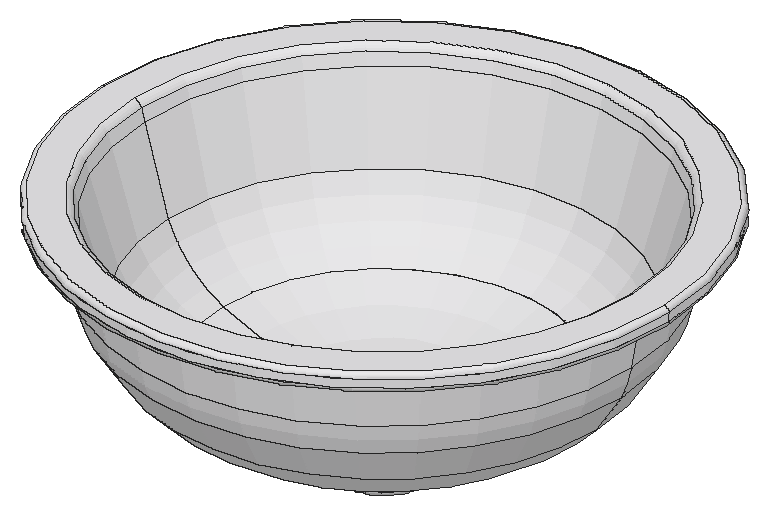
Revit family "Sink-Lavatory-KOHLER-Camber-K-2349", category Plumbing Fixtures, host Face, Revit 2015
Parameters (values of type "0-White")
  Width = 16 1/8"  # constant formula
  Waste Water Outlet = "Waste Water Outlet"  # constant formula
  Waste Connection = 1 = 1  # yes
  Vent Connection = 1 = 0  # no
  URL = "https://www.us.kohler.com/us/"
  Type = 1
  Product Page URL = "http://www.us.kohler.com/us/catalog/productDetails.jsp?productNumber=2349"
  Product Name = "Camber"  # constant formula
  Product Documentation Link = "http://www.us.kohler.com/onlinecatalog/pdf/K-2349_spec.pdf"
  Model = if(Type = 1, "K-2349-0", if(Type = 2, "K-2349-96", if(Type = 3, "K-2349-47", if(Type = 4, "K-2349-HW", if(Type = 5, "K-2349-HV", "NA")))))  # "K-2349-0"
  Material = "Vitreous China"  # constant formula
  MasterFormat 2004 = "22.41.16"  # constant formula
  MasterFormat 1995 = "15410"  # constant formula
  Manufacturer Address = "444 Highland Dr, Kohler, WI 53044"  # constant formula
  Manufacturer = "KOHLER Co."  # constant formula
  Length = 16 1/8"  # constant formula
  Hot Water Inlet = "Hot Water Inlet"  # constant formula
  Height = 6 7/8"  # constant formula
  HW Connection = 1 = 0  # no
  Finish = Kohler-Vitreous_China-0-White
  Environmental Product Declaration = ""
  Drain Included = 1 = 0  # no
  Description = "Under mount bathroom sink"  # constant formula
  Default Elevation = 0"
  Declare Label = ""
  Date Modified = "10/5/2018"  # constant formula
  Date Created = "10/5/2018"  # constant formula
  Copyright = "Copyright KOHLER Co."  # constant formula
  Contact Us = "https://www.us.kohler.com/us/static/contact.jsp"
  Cold Water Inlet = "Cold Water Inlet"  # constant formula
  CW Connection = 1 = 0  # no
  Assembly Code = "D2010400"
  ADA Compliant = 1 = 1  # yes
Types (6): name | Type | Model | Finish
  (no name) | 1 | "K-2349-0" | Kohler-Vitreous_China-0-White
  0-White | 1 | "K-2349-0" | Kohler-Vitreous_China-0-White
  96-Biscuit | 2 | "K-2349-96" | Kohler-Vitreous_China-96-Biscuit
  47-Almond | 3 | "K-2349-47" | Kohler-Vitreous_China-47-Almond
  HW-Boucle Muslin | 4 | "K-2349-HW" | Kohler-Vitreous_China-HW-Boucle_Muslin
  HV-Boucle Tweed | 5 | "K-2349-HV" | Kohler-Vitreous_China-HV-Boucle_Tweed
Reference planes (in)
  plane 1 "Center (Front/Back)": y = 0
  plane 2: z = 0
  plane 3 "Center (Left/Right)": x = 0
  plane 4: x = -8.0625
  plane 5: x = 8.0625
  plane 6: y = 8.07666
  plane 7: y = -8.04834
  plane 8: z = -7.875
  plane 9: z = -1
  plane 10: z = -1.5
Forms (in)
  Extrusion 1, void
    sketch origin (0, 0, 0) x (1, 0, 0) y (0, 1, 0)
      loop
        circle (0, 0) r 7.05855
    from 0 to -6.75936
Dimensions and locks (in)
  plane 1 "Center (Front/Back)" to plane 7 = 8.04834"
  "Height": plane 9 to plane 8
  "Length": plane 4 to plane 5
  "Width": plane 6 to plane 7
  locked: plane 9 to plane 10 at 0.5
  aligned and locked: plane 2 to host face
  aligned and locked: level to host face
Automatic sketch dimensions
  host sketch curve to host sketch curve = 96"  (x2)
  plane 1 "Center (Front/Back)" to Extrusion 1 sketch curve = 0"
  Extrusion 1 sketch curve to plane 3 "Center (Left/Right)" = 0"
  radius of Extrusion 1 sketch curve = 7.05855"
Nested families (in)
  nested 1: "K-2349" at (0, 0, -1.5), type "K-2349"
Connectors (in)
  piping at (0, 0, -7.875), diameter 1.25, driven by "Waste Connection", driven by "Waste Water Outlet"
    settings: on nested 1, index 1, connector inside diameter 24", connector length 0", flow factor 0, pipe flow 0 GPM, pressure drop 0.00 psi, fitting loss kfactor 0, connector angle 0.00°, fixture units 0, engagement length 0", angle of deflection 0.00°, flow configuration 0, flow direction 2, fitting loss method 0, system type 16, joint type 0, gender type 0, connector reference index -1, connector utility 1, adjustable connector no, is connector primary yes, connector description "Waste Water Outlet"
Definition of nested family "K-2349"
  Parameters (values of type "K-2349")
    Material = none
  Reference planes (in)
    plane 1 "Center (Front/Back)": y = 0
    plane 2: z = 0
    plane 3 "Center (Left/Right)": x = 0
    plane 4: x = -8.0625
    plane 5: x = 8.0625
    plane 6: y = 8.0625
    plane 7: y = -8.0625
    plane 8: z = 0.5
    plane 9: z = -6.375
    plane 10: y = -8.0625
    plane 11: y = 8.0625
    plane 12: y = -8.0625
  Forms (in)
    Sweep 1, solid, material <- "Material", detail levels medium+fine
      path origin (0, 0, 0) x (1, 0, 0) y (0, 1, 0)
        loop
          circle (0, 0) r 8.05546
      profile origin (0, 8.05546, 0) x (0, -1, 0) y (0, 0, 1)
        loop
          arc (0.81652, -0.20848) -> (0.92064, -0.80779) -> (1.03456, -1.40531) r 37.16198
          arc (1.03456, -1.40531) -> (1.15465, -1.84048) -> (1.33651, -2.25366) r 3.10797
          arc (1.33651, -2.25366) -> (1.66118, -2.80048) -> (2.03724, -3.3133) r 6.56248
          arc (2.03724, -3.3133) -> (2.90349, -4.10259) -> (3.96492, -4.59931) r 3.90478
          arc (3.96492, -4.59931) -> (5.25523, -4.90769) -> (6.57074, -5.07925) r 12.64988
          line (6.57074, -5.07925) -> (6.57074, -4.61773)
          arc (6.57074, -4.61773) -> (4.98895, -4.43809) -> (3.48774, -3.9083) r 7.05362
          arc (3.48774, -3.9083) -> (2.55179, -3.21923) -> (1.92302, -2.24175) r 3.20588
          arc (1.92302, -2.24175) -> (1.53404, -1.1377) -> (1.2586, 0) r 11.5711
          arc (1.2586, 0) -> (1.22144, 0.15806) -> (1.17056, 0.31226) r 1.84795
          arc (1.17056, 0.31226) -> (1.10196, 0.42299) -> (0.9969, 0.5) r 0.34157
          line (0.9969, 0.5) -> (0.12711, 0.5)
          arc (0.12711, 0.5) -> (0.03225, 0.46071) -> (-0.00704, 0.36585) r 0.13415
          line (-0.00704, 0.36585) -> (-0.00704, 0.13974)
          arc (-0.00704, 0.13974) -> (0.03388, 0.04093) -> (0.13269, 0) r 0.13974
          line (0.13269, 0) -> (0.57074, 0)
          arc (0.57074, 0) -> (0.73188, -0.05914) -> (0.81652, -0.20848) r 0.24912
    Revolve 2, solid, material <- "Material", detail levels medium+fine
      sketch origin (0, 0, 0) x (0, 1, 0) y (0, 0, 1)
        loop
          line (0, -6.375) -> (0, -5.04647) -> (-1.48402, -5.04647)
          arc (-1.48402, -5.04647) -> (-1.46196, -5.09739) -> (-1.45171, -5.15193) r 0.24901
          arc (-1.45171, -5.15193) -> (-1.40675, -5.70898) -> (-1.35452, -6.2654) r 42.75764
          arc (-1.35452, -6.2654) -> (-1.31504, -6.34354) -> (-1.23336, -6.375) r 0.12177
          line (-1.23336, -6.375) -> (0, -6.375)
        axis (0, -5.04647) -> (0, -6.375)
      angle from 0 to 360
    Extrusion 3, void, detail levels medium+fine
      sketch origin (0, 0, 0) x (1, 0, 0) y (0, 1, 0)
        loop
          circle (0, 0) r 1.14449
      from -6.06913 to -3.70308
    Extrusion 4, solid, material <- "Material", detail levels medium+fine
      sketch origin (0, 0, 0) x (1, 0, 0) y (0, 1, 0)
        loop
          circle (0, 0) r 1.48472
      from -5.07925 to -4.61773
    Revolve 5, solid, detail levels medium+fine
      sketch origin (0, 0, 0) x (1, 0, 0) y (0, 0, 1)
        loop
          arc (1.20583, -4.55523) -> (0.60973, -4.41917) -> (0, -4.37348) r 4.09097
          line (0, -4.37348) -> (0, -5.8831) -> (0.25, -5.8831) -> (0.25, -4.55523) -> (1.20583, -4.55523)
        axis (0, -4.37348) -> (0, -5.8831)
      angle from 0 to 360
    Revolve 6, solid, material <- "Material", detail levels coarse
      sketch origin (0, 0, 0) x (0, 1, 0) y (0, 0, 1)
        loop
          line (0.01664, -6.375) -> (1.51664, -6.375) -> (1.51664, -4.60573) -> (0.01664, -4.60573) -> (0.01664, -6.375)
        axis (0.01664, -4.60573) -> (0.01664, -6.375)
      angle from 0 to 360
    Extrusion 7, solid, material <- "Material", detail levels coarse
      sketch origin (0, 0, 0) x (1, 0, 0) y (0, 1, 0)
        loop
          circle (0, 0) r 8.0625
      from 0.5 to -5.04647
    Extrusion 8, void, detail levels coarse
      sketch origin (0, 0, 0) x (1, 0, 0) y (0, 1, 0)
        loop
          circle (0, 0) r 6.7954
      from 0.5 to -4.55523
    Extrusion 9, solid, material <- "Material", detail levels medium+fine
      sketch origin (0, 0, 0) x (1, 0, 0) y (0, 1, 0)
        loop
          circle (0, 0) r 0.875
      from -6.375 to -6.27628
  Cuts and joins
    Extrusion 3 cuts Revolve 2
    Extrusion 3 cuts Extrusion 4
    joined: Sweep 1, Extrusion 4
    Extrusion 8 cuts Extrusion 7
  Lines and regions (in)
    Masking region 1
      outline origin (0, 0, 0) x (0, 1, 0) y (0, 0, 1)
        loop
          line (7.92992, 0.5) -> (-7.92992, 0.5)
          arc (-7.92992, 0.5) -> (-8.02367, 0.46117) -> (-8.0625, 0.36742) r 0.13258
          line (-8.0625, 0.36742) -> (-8.0625, 0.13857)
          arc (-8.0625, 0.13857) -> (-8.02191, 0.04059) -> (-7.92393, 0) r 0.13857
          line (-7.92393, 0) -> (-7.4877, 0)
          arc (-7.4877, 0) -> (-7.32381, -0.06014) -> (-7.23774, -0.21202) r 0.25336
          arc (-7.23774, -0.21202) -> (-7.13374, -0.81047) -> (-7.01998, -1.40714) r 37.16198
          arc (-7.01998, -1.40714) -> (-6.89989, -1.84231) -> (-6.71802, -2.25549) r 3.10797
          arc (-6.71802, -2.25549) -> (-6.39336, -2.8023) -> (-6.01729, -3.31512) r 6.56248
          arc (-6.01729, -3.31512) -> (-5.15105, -4.10442) -> (-4.08961, -4.60113) r 3.90478
          arc (-4.08961, -4.60113) -> (-2.79129, -4.91099) -> (-1.46754, -5.08232) r 12.64988
          arc (-1.46754, -5.08232) -> (-1.45841, -5.10757) -> (-1.4539, -5.13404) r 0.15064
          arc (-1.4539, -5.13404) -> (-1.42583, -5.47786) -> (-1.39633, -5.82156) r 82.53215
          arc (-1.39633, -5.82156) -> (-1.37607, -6.04385) -> (-1.35442, -6.26601) r 35.58438
          arc (-1.35442, -6.26601) -> (-1.31516, -6.34371) -> (-1.23392, -6.375) r 0.12111
          line (-1.23392, -6.375) -> (1.23422, -6.375)
          arc (1.23422, -6.375) -> (1.31546, -6.34371) -> (1.35472, -6.26601) r 0.12111
          arc (1.35472, -6.26601) -> (1.37637, -6.04385) -> (1.39662, -5.82156) r 35.58438
          arc (1.39662, -5.82156) -> (1.42613, -5.47786) -> (1.4542, -5.13404) r 82.53215
          arc (1.4542, -5.13404) -> (1.45871, -5.10756) -> (1.46785, -5.0823) r 0.15064
          arc (1.46785, -5.0823) -> (2.79144, -4.91096) -> (4.08961, -4.60113) r 12.64988
          arc (4.08961, -4.60113) -> (5.15105, -4.10442) -> (6.01729, -3.31512) r 3.90478
          arc (6.01729, -3.31512) -> (6.39336, -2.8023) -> (6.71802, -2.25549) r 6.56248
          arc (6.71802, -2.25549) -> (6.89989, -1.84231) -> (7.01998, -1.40714) r 3.10797
          arc (7.01998, -1.40714) -> (7.1339, -0.80962) -> (7.23802, -0.21031) r 37.16198
          arc (7.23802, -0.21031) -> (7.32265, -0.06097) -> (7.4838, -0.00182) r 0.24912
          line (7.4838, -0.00182) -> (7.92393, 0)
          arc (7.92393, 0) -> (8.02191, 0.04059) -> (8.0625, 0.13857) r 0.13857
          line (8.0625, 0.13857) -> (8.0625, 0.36742)
          arc (8.0625, 0.36742) -> (8.02367, 0.46117) -> (7.92992, 0.5) r 0.13258
    Masking region 2
      outline origin (0, 0, 0) x (1, 0, 0) y (0, 0, 1)
        loop
          arc (-7.92992, 0.5) -> (-8.02367, 0.46117) -> (-8.0625, 0.36742) r 0.13258
          line (-8.0625, 0.36742) -> (-8.0625, 0.13857)
          arc (-8.0625, 0.13857) -> (-8.02191, 0.04059) -> (-7.92393, 0) r 0.13857
          line (-7.92393, 0) -> (-7.47907, 0)
          arc (-7.47907, 0) -> (-7.32117, -0.06207) -> (-7.23864, -0.21031) r 0.25143
          arc (-7.23864, -0.21031) -> (-7.13451, -0.80962) -> (-7.0206, -1.40714) r 37.16198
          arc (-7.0206, -1.40714) -> (-6.90051, -1.84231) -> (-6.71864, -2.25549) r 3.10797
          arc (-6.71864, -2.25549) -> (-6.39398, -2.8023) -> (-6.01791, -3.31512) r 6.56248
          arc (-6.01791, -3.31512) -> (-5.15166, -4.10442) -> (-4.09023, -4.60113) r 3.90478
          arc (-4.09023, -4.60113) -> (-2.79154, -4.91106) -> (-1.46742, -5.08238) r 12.64988
          arc (-1.46742, -5.08238) -> (-1.4583, -5.1076) -> (-1.45381, -5.13404) r 0.15064
          arc (-1.45381, -5.13404) -> (-1.42574, -5.47786) -> (-1.39623, -5.82156) r 82.53215
          arc (-1.39623, -5.82156) -> (-1.37597, -6.04385) -> (-1.35433, -6.26601) r 35.58438
          arc (-1.35433, -6.26601) -> (-1.31506, -6.34371) -> (-1.23382, -6.375) r 0.12111
          line (-1.23382, -6.375) -> (1.23423, -6.375)
          arc (1.23423, -6.375) -> (1.31546, -6.34371) -> (1.35473, -6.26601) r 0.12111
          arc (1.35473, -6.26601) -> (1.37638, -6.04385) -> (1.39663, -5.82156) r 35.58438
          arc (1.39663, -5.82156) -> (1.42614, -5.47786) -> (1.45421, -5.13404) r 82.53215
          arc (1.45421, -5.13404) -> (1.45895, -5.1067) -> (1.46862, -5.08069) r 0.15064
          arc (1.46862, -5.08069) -> (2.79182, -4.90934) -> (4.08961, -4.59958) r 12.64988
          arc (4.08961, -4.59958) -> (5.15105, -4.10287) -> (6.01729, -3.31358) r 3.90478
          arc (6.01729, -3.31358) -> (6.39336, -2.80075) -> (6.71802, -2.25394) r 6.56248
          arc (6.71802, -2.25394) -> (6.89989, -1.84076) -> (7.01998, -1.40559) r 3.10797
          arc (7.01998, -1.40559) -> (7.1339, -0.80807) -> (7.23802, -0.20876) r 37.16198
          arc (7.23802, -0.20876) -> (7.32264, -0.05932) -> (7.4838, 0) r 0.24945
          line (7.4838, 0) -> (7.92393, 0)
          arc (7.92393, 0) -> (8.02191, 0.04059) -> (8.0625, 0.13857) r 0.13857
          line (8.0625, 0.13857) -> (8.0625, 0.36742)
          arc (8.0625, 0.36742) -> (8.02367, 0.46117) -> (7.92992, 0.5) r 0.13258
          line (7.92992, 0.5) -> (-7.92992, 0.5)
    Masking region 3
      outline origin (0, 0, 0) x (1, 0, 0) y (0, 1, 0)
        loop
          arc (-8.0625, 0) -> (-5.70105, -5.70105) -> (0, -8.0625) r 8.0625
          arc (0, -8.0625) -> (5.70105, -5.70105) -> (8.0625, 0) r 8.0625
          arc (8.0625, 0) -> (5.70105, 5.70105) -> (0, 8.0625) r 8.0625
          arc (0, 8.0625) -> (-5.70105, 5.70105) -> (-8.0625, 0) r 8.0625
    symbolic lines, detail levels medium+fine
      curve 1: line (-7.47907, 0, 0) -> (7.4838, 0, 0)
      curve 2: line (-1.48472, 0, -5.07925) -> (1.48472, 0, -5.07925)
      curve 3: line (0, 7.5625, 0) -> (0, -7.4838, 0)
      curve 4: line (0, 1.46785, -5.0823) -> (0, -1.46754, -5.08232)
      curve 5: circle (0, 0, 0) r 7.05855 normal (0, 0, -1)
      curve 6: circle (0, 0, 0) r 6.7954 normal (0, 0, 1)
      curve 7: circle (0, 0.01664, 0) r 1.5 normal (0, 0, 1)
      curve 8: circle (0, 0, 0) r 7.91892 normal (0, 0, 1)
  Dimensions and locks (in)
    plane 4 to plane 3 "Center (Left/Right)" = 8 1/16"
    plane 4 to plane 5 = 16 1/8"
    plane 6 to plane 7 = 16 1/8"
    plane 8 to level = 1/2"
    plane 8 to plane 9 = 6 7/8"
    plane 10 to plane 1 "Center (Front/Back)" = 8 1/16"
    plane 11 to plane 1 "Center (Front/Back)" = 8 1/16"
    plane 1 "Center (Front/Back)" to plane 12 = 8 1/16"
    plane 5 to plane 3 "Center (Left/Right)" = 8 1/16"
    aligned and locked: plane 2 to level
